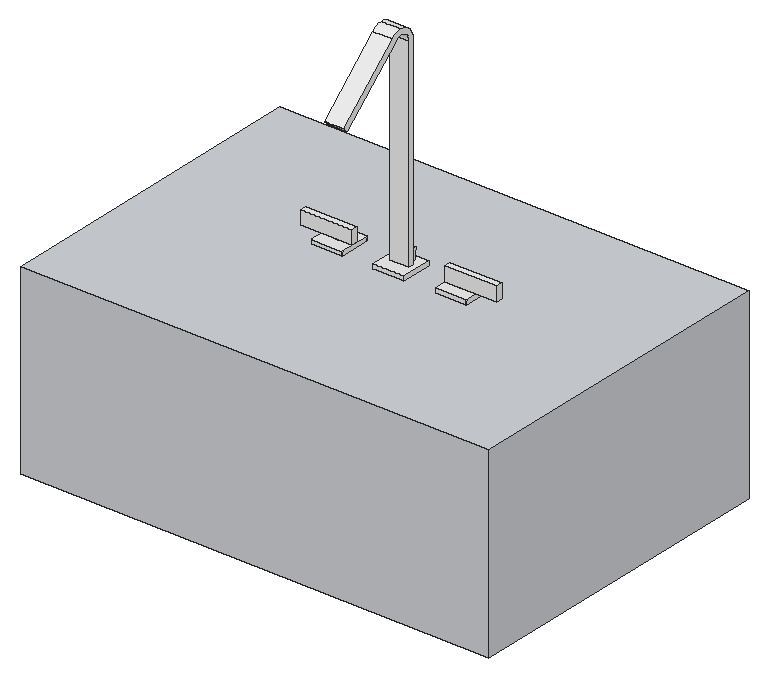
Revit family
Parameters (values of type "Chrome-Polished_Chrome-CP")
  Width = 1' - 0 5/8"
  WFU = 0
  URL = "http://www.us.kohler.com"
  Product Page URL = "http://www.us.kohler.com/onlinecatalog/detail.jsp?prod_num=14662-4"
  Product Documentation Link = "http://www.us.kohler.com/onlinecatalog/pdf/1123726_4.pdf"
  Model = "K-14662-4"  # constant formula
  Manufacturer = "Kohler"  # constant formula
  Length = 0' - 6 3/8"
  Hot Water Radius = 3/16"
  Hot Water Diameter = Hot Water Radius * 2  # 3/8"
  Hot Water Connector = "Hot Water Connector"  # constant formula
  Height = 1' - 2 3/8"
  HWFU = 0
  HW Connection = yes
  Finish = Chrome-Kohler-CP-Polished_Chrome
  Faucet Offset = 0' - 8"
  Description = "Loure™ tall widespread lavatory faucet"  # constant formula
  Default Elevation = 0' - 0"
  Created By = "http://medialab3dstudio.com/"
  Cold Water Radius = 3/16"
  Cold Water Diameter = Cold Water Radius * 2  # 3/8"
  Cold Water Connector = "Cold Water Connector"  # constant formula
  CWFU = 0
  CW Connection = yes
  Assembly Code = "D2010"
Types (4): name | Finish
  (no name) | Chrome-Kohler-CP-Polished_Chrome
  Chrome-Polished_Chrome-CP | Chrome-Kohler-CP-Polished_Chrome
  Nickel-Vibrant_Brushed_Nickel-BN | Nickel-Kohler-BN-Vibrant_Brushed_Nickel
  Nickel-Vibrant_Polished_Nickel-SN | Nickel-Kohler-SN-Vibrant_Polished_Nickel
Reference planes (in)
  plane 1 "Back": y = 0
  plane 2 "Bottom": z = 0
  plane 3 "Center (Left/Right)": x = 0
  plane 4: x = -1
  plane 5: x = 1
  plane 6 "Top": z = 14.375
  plane 7: y = -2
  plane 8 "Front": y = -6.375
  plane 9: z = 0.27694
  plane 10: y = -1
  plane 11: y = -1
  plane 12: y = -0.82813
  plane 13: y = -1.17188
  plane 14: z = 13.34217
  plane 15: y = -1.80011
  plane 16: y = -0.39025
  plane 17: y = -0.65009
  plane 18: z = 0.8169
  plane 19: y = -0.25108
  plane 20: z = 0.94584
  plane 21: x = -0.35937
  plane 22: x = 0.35938
  plane 23: x = -4
  plane 24: x = 4
  plane 25: z = 0.12475
  plane 26 "Right": x = 6.31007
  plane 27 "Left": x = -6.31493
Forms (in)
  Extrusion 1, solid
    sketch origin (0, 0, 0) x (1, 0, 0) y (0, 1, 0)
      loop
        line (-15, 8) -> (-15, -12.95137) -> (15.18227, -12.95137) -> (15.18227, 8) -> (-15, 8)
    from 0 to -12
  Extrusion 2, solid, material "Chrome-Kohler-CP-Polished_Chrome" <- "Finish"
    sketch origin (0, 0, 0) x (1, 0, 0) y (0, 1, 0)
      loop
        line (-1, 0) -> (-1, -2) -> (1, -2) -> (1, 0) -> (-1, 0)
    from 0 to 0.27694
  Sweep 3, solid, material "Chrome-Kohler-CP-Polished_Chrome" <- "Finish"
    path origin (0, 0, 0) x (0, 1, 0) y (0, 0, 1)
      loop
        line (-1, 0.27694) -> (-1, 13.34217)
        arc (-1, 13.34217) -> (-1.23435, 13.90793) -> (-1.80011, 14.14228) r 0.80011
        arc (-1.80011, 14.14228) -> (-2.1063, 14.08138) -> (-2.36588, 13.90793) r 0.80011
        line (-2.36588, 13.90793) -> (-6.25451, 10.41045)
    profile origin (0, -1, 6.80955) x (0, -1, 0) y (1, 0, 0)
      loop
        line (-0.17187, -0.62505) -> (0.17188, -0.62505) -> (0.17188, 0.62506) -> (-0.17187, 0.62506) -> (-0.17187, -0.62505)
  Extrusion 4, solid, material "Chrome-Kohler-CP-Polished_Chrome" <- "Finish"
    sketch origin (0, 0, 0) x (0, 1, 0) y (0, 0, 1)
      loop
        line (-0.27759, 0.94584) -> (-0.62367, 0.94584)
        arc (-0.62367, 0.94584) -> (-0.64235, 0.9381) -> (-0.65009, 0.91942) r 0.02642
        line (-0.65009, 0.91942) -> (-0.65009, 0.30519)
        arc (-0.65009, 0.30519) -> (-0.64182, 0.28521) -> (-0.62185, 0.27694) r 0.02825
        line (-0.62185, 0.27694) -> (-0.41957, 0.27694)
        arc (-0.41957, 0.27694) -> (-0.39884, 0.28553) -> (-0.39025, 0.30627) r 0.02933
        line (-0.39025, 0.30627) -> (-0.39025, 0.7768)
        arc (-0.39025, 0.7768) -> (-0.3785, 0.80516) -> (-0.35014, 0.8169) r 0.04011
        line (-0.35014, 0.8169) -> (-0.27793, 0.8169)
        arc (-0.27793, 0.8169) -> (-0.25894, 0.82477) -> (-0.25108, 0.84376) r 0.02685
        line (-0.25108, 0.84376) -> (-0.25108, 0.91933)
        arc (-0.25108, 0.91933) -> (-0.25884, 0.93808) -> (-0.27759, 0.94584) r 0.02651
    from -0.35938 to 0.35937
  Extrusion 5, void
    sketch origin (0, 0, 0) x (1, 0, 0) y (0, 1, 0)
      loop
        arc (0.17188, -1) -> (0.22679, -1.13258) -> (0.35938, -1.1875) r 0.1875
        arc (0.35938, -1.1875) -> (0.49196, -1.13258) -> (0.54688, -1) r 0.1875
        arc (0.54688, -1) -> (0.49196, -0.86742) -> (0.35938, -0.8125) r 0.1875
        arc (0.35938, -0.8125) -> (0.22679, -0.86742) -> (0.17188, -1) r 0.1875
      loop
        arc (-0.17187, -1) -> (-0.22679, -0.86742) -> (-0.35937, -0.8125) r 0.1875
        arc (-0.35937, -0.8125) -> (-0.49196, -0.86742) -> (-0.54687, -1) r 0.1875
        arc (-0.54687, -1) -> (-0.49196, -1.13258) -> (-0.35937, -1.1875) r 0.1875
        arc (-0.35937, -1.1875) -> (-0.22679, -1.13258) -> (-0.17187, -1) r 0.1875
    from 0 to 0.12475
Cuts and joins
  Extrusion 5 cuts Extrusion 2
  joined: Extrusion 2, Sweep 3, Extrusion 4
Lines and regions (in)
  Masking region 1, detail levels coarse
    outline origin (0, 0, 0) x (1, 0, 0) y (0, 1, 0)
      loop
        line (-6.31493, 0) -> (-6.31493, -6.375) -> (6.31007, -6.375) -> (6.31007, 0) -> (-6.31493, 0)
  Masking region 2, detail levels medium+fine
    outline origin (0, 0, 0) x (1, 0, 0) y (0, 1, 0)
      loop
        line (-5, -2) -> (-3, -2) -> (-3, 0) -> (-5, 0) -> (-5, -0.79688) -> (-6.31007, -0.79688) -> (-6.31007, -1.20313) -> (-5, -1.20313) -> (-5, -2)
      loop
        line (-1, 0) -> (-1, -2) -> (-0.62505, -2) -> (-0.62505, -6.375) -> (0.62506, -6.375) -> (0.62506, -2) -> (1, -2) -> (1, 0) -> (-1, 0)
      loop
        line (3, 0) -> (3, -2) -> (5, -2) -> (5, -1.20313) -> (6.31007, -1.20313) -> (6.31007, -0.79688) -> (5, -0.79688) -> (5, 0) -> (3, 0)
  Masking region 3, detail levels coarse
    outline origin (0, 0, 0) x (1, 0, 0) y (0, 0, 1)
      loop
        line (-6.31493, 14.375) -> (-6.31493, 0) -> (6.31007, 0) -> (6.31007, 14.375) -> (-6.31493, 14.375)
  Masking region 4, detail levels medium+fine
    outline origin (0, 0, 0) x (1, 0, 0) y (0, 0, 1)
      loop
        line (-5, 0) -> (-3, 0) -> (-3, 0.2749) -> (-3.80859, 0.2749) -> (-3.80859, 0.30564) -> (-3, 0.30564) -> (-3, 1.1875) -> (-6.31007, 1.1875) -> (-6.31007, 0.30564) -> (-4.19141, 0.30564) -> (-4.19141, 0.2749) -> (-5, 0.2749) -> (-5, 0)
      loop
        line (3, 0.2749) -> (3, 0) -> (5, 0) -> (5, 0.2749) -> (4.19141, 0.2749) -> (4.19141, 0.30564) -> (6.31007, 0.30564) -> (6.31007, 1.1875) -> (3, 1.1875) -> (3, 0.30564) -> (3.80859, 0.30564) -> (3.80859, 0.2749) -> (3, 0.2749)
      loop
        line (-1, 0) -> (1, 0) -> (1, 0.27694) -> (0.62506, 0.27694) -> (0.62506, 14.375) -> (-0.62505, 14.375) -> (-0.62505, 0.27694) -> (-1, 0.27694) -> (-1, 0)
  Masking region 5, detail levels coarse
    outline origin (0, 0, 0) x (0, 1, 0) y (0, 0, 1)
      loop
        line (0, 14.375) -> (-6.375, 14.375) -> (-6.375, 0) -> (0, 0) -> (0, 14.375)
  Masking region 6, detail levels medium+fine
    outline origin (0, 0, 0) x (0, 1, 0) y (0, 0, 1)
      loop
        line (-0.82813, 1.1875) -> (-0.82812, 13.34217)
        arc (-0.82812, 13.34217) -> (-1.11281, 14.02947) -> (-1.80011, 14.31416) r 0.97199
        arc (-1.80011, 14.31416) -> (-2.16987, 14.24108) -> (-2.48403, 14.03283) r 0.97199
        line (-2.48403, 14.03283) -> (-6.36944, 10.53824) -> (-6.13957, 10.28266) -> (-2.19161, 13.83351)
        arc (-2.19161, 13.83351) -> (-2.00748, 13.9352) -> (-1.80011, 13.97041) r 0.62824
        arc (-1.80011, 13.97041) -> (-1.35588, 13.7864) -> (-1.17188, 13.34217) r 0.62824
        line (-1.17188, 13.34217) -> (-1.17187, 1.1875) -> (-1.20313, 1.1875) -> (-1.20313, 0.2749) -> (-2, 0.2749) -> (-2, 0) -> (0, 0) -> (0, 0.2749) -> (-0.39025, 0.2749) -> (-0.39025, 0.7768)
        arc (-0.39025, 0.7768) -> (-0.3785, 0.80516) -> (-0.35014, 0.8169) r 0.04011
        line (-0.35014, 0.8169) -> (-0.27793, 0.8169)
        arc (-0.27793, 0.8169) -> (-0.25894, 0.82477) -> (-0.25108, 0.84376) r 0.02685
        line (-0.25108, 0.84376) -> (-0.25108, 0.91933)
        arc (-0.25108, 0.91933) -> (-0.25884, 0.93808) -> (-0.27759, 0.94584) r 0.02651
        line (-0.27759, 0.94584) -> (-0.62367, 0.94584)
        arc (-0.62367, 0.94584) -> (-0.64235, 0.9381) -> (-0.65009, 0.91942) r 0.02642
        line (-0.65009, 0.91942) -> (-0.65009, 0.2749) -> (-0.79688, 0.2749) -> (-0.79688, 1.1875) -> (-0.82813, 1.1875)
  symbolic lines, style "Masking Lines", detail levels fine
    curve 1: line (-5, -0.79688, 14.375) -> (-3, -0.79688, 14.375)
    curve 2: line (-5, -1.20313, 14.375) -> (-3, -1.20313, 14.375)
    curve 3: line (5, -0.79688, 14.375) -> (3, -0.79688, 14.375)
    curve 4: line (5, -1.20313, 14.375) -> (3, -1.20313, 14.375)
    curve 5: line (0.62506, -2, 14.375) -> (0.62506, -0.82813, 14.375)
    curve 6: line (-0.62505, -2, 14.375) -> (-0.62505, -0.82813, 14.375)
    curve 7: line (-0.35937, -0.25108, 14.375) -> (-0.35937, -0.65009, 14.375)
    curve 8: line (0.35938, -0.65009, 14.375) -> (0.35938, -0.25108, 14.375)
    curve 9: line (-0.35937, -0.25108, 14.375) -> (0.35938, -0.25108, 14.375)
    curve 10: line (-0.35937, -0.65009, 14.375) -> (0.35938, -0.65009, 14.375)
    curve 11: line (0.62506, -0.82813, 14.375) -> (-0.62505, -0.82813, 14.375)
    curve 12: line (-4.19141, 0, 0.30564) -> (-3.80859, 0, 0.30564)
    curve 13: line (-4.19141, 0, 0.2749) -> (-3.80859, 0, 0.2749)
    curve 14: line (3.80859, 0, 0.30564) -> (4.19141, 0, 0.30564)
    curve 15: line (3.80859, 0, 0.2749) -> (4.19141, 0, 0.2749)
    curve 16: line (-0.62505, 0, 0.27694) -> (0.62506, 0, 0.27694)
    curve 17: line (0.62506, -6.375, 10.53824) -> (-0.62505, -6.375, 10.53824)
    curve 18: line (-0.62505, -6.375, 10.28266) -> (0.62506, -6.375, 10.28266)
    curve 19: line (0, -0.39025, 0.27694) -> (0, -0.65009, 0.27694)
    curve 20: line (0, -0.82813, 1.1875) -> (0, -1.17188, 1.1875)
    curve 21: line (0, -0.79688, 0.2749) -> (0, -1.20313, 0.2749)
Dimensions and locks (in)
  plane 1 "Back" to plane 10 to plane 7 = 0' - 1", 0' - 1"
  locked: plane 17 to plane 11 at 0.34991
  plane 22 to plane 3 "Center (Left/Right)" = 0' - 0 23/64"
  equal spacing: plane 23, plane 3 "Center (Left/Right)", plane 24
  "Faucet Offset": plane 23 to plane 24
  "Width": plane 27 "Left" to plane 26 "Right"
  "Length": plane 1 "Back" to plane 8 "Front"
  "Height": plane 6 "Top" to plane 2 "Bottom"
  locked: plane 6 "Top" to plane 14 at 1.03283
  Masking region 6 to Extrusion 1 = 0' - 10.28266"
  radius of Extrusion 5 sketch curve = 0' - 0 3/16"
  aligned and locked: plane 2 "Bottom" to Extrusion 1
  aligned and locked: level to Extrusion 1
  aligned and locked: plane 1 "Back" to Extrusion 2 sketch curve
  aligned and locked: plane 5 to Extrusion 2 sketch curve
  aligned and locked: plane 7 to Extrusion 2 sketch curve
  aligned and locked: Extrusion 2 sketch curve to plane 4
  aligned and locked: Extrusion 2 to plane 2 "Bottom"
  aligned and locked: plane 9 to Extrusion 2
  aligned and locked: plane 12 to Sweep 3 sketch curve
  aligned and locked: Sweep 3 sketch curve to plane 13
  aligned and locked: plane 20 to Extrusion 4 sketch curve
  aligned and locked: plane 17 to Extrusion 4 sketch curve
  aligned and locked: plane 9 to Extrusion 4 sketch curve
  aligned and locked: Extrusion 4 sketch curve to plane 16
  aligned and locked: plane 18 to Extrusion 4 sketch curve
  aligned and locked: Extrusion 4 sketch curve to plane 19
  aligned and locked: plane 21 to Extrusion 4
  aligned and locked: Extrusion 4 to plane 22
  aligned and locked: plane 11 to nested 1
  aligned and locked: nested 2 to plane 11
  aligned and locked: nested 2 to plane 24
  aligned and locked: nested 1 to plane 23
  aligned and locked: plane 22 to Extrusion 5 sketch curve  (x2)
  aligned and locked: plane 11 to Extrusion 5 sketch curve  (x4)
  aligned and locked: plane 21 to Extrusion 5 sketch curve  (x2)
  aligned and locked: Extrusion 5 to plane 2 "Bottom"
  aligned and locked: plane 25 to Extrusion 5
  aligned and locked: plane 26 "Right" to nested 2
  aligned and locked: plane 1 "Back" to Masking region 1 sketch curve
  aligned and locked: plane 26 "Right" to Masking region 1 sketch curve
  aligned and locked: plane 8 "Front" to Masking region 1 sketch curve
  aligned and locked: Masking region 1 sketch curve to plane 27 "Left"
  aligned and locked: Masking region 2 sketch curve to nested 1  (x6)
  aligned and locked: nested 1 to Masking region 2 sketch curve
  aligned and locked: Masking region 2 sketch curve to cut or joined group of Extrusion 2, Sweep 3, Extrusion 4, Extrusion 5  (x5)
  aligned and locked: cut or joined group of Extrusion 2, Sweep 3, Extrusion 4, Extrusion 5 to Masking region 2 sketch curve  (x2)
  aligned and locked: Masking region 2 sketch curve to plane 8 "Front"
  aligned and locked: Masking region 2 sketch curve to nested 2  (x6)
  aligned and locked: nested 2 to Masking region 2 sketch curve  (x2)
  aligned and locked: nested 1 to nested 1  (x2)
  aligned and locked: nested 2 to nested 2
  aligned and locked: nested 2 to curve 4
  aligned and locked: curve 3 to nested 2
  aligned and locked: cut or joined group of Extrusion 2, Sweep 3, Extrusion 4, Extrusion 5 to curve 5
  aligned and locked: curve 6 to cut or joined group of Extrusion 2, Sweep 3, Extrusion 4, Extrusion 5
  aligned and locked: curve 7 to cut or joined group of Extrusion 2, Sweep 3, Extrusion 4, Extrusion 5
  aligned and locked: curve 8 to cut or joined group of Extrusion 2, Sweep 3, Extrusion 4, Extrusion 5
  aligned and locked: curve 9 to cut or joined group of Extrusion 2, Sweep 3, Extrusion 4, Extrusion 5
  aligned and locked: curve 10 to cut or joined group of Extrusion 2, Sweep 3, Extrusion 4, Extrusion 5
  aligned and locked: curve 11 to cut or joined group of Extrusion 2, Sweep 3, Extrusion 4, Extrusion 5
  aligned and locked: Masking region 3 sketch curve to plane 6 "Top"
  aligned and locked: plane 26 "Right" to Masking region 3 sketch curve
  aligned and locked: Masking region 3 sketch curve to plane 27 "Left"
  aligned and locked: plane 2 "Bottom" to Masking region 3 sketch curve
  aligned and locked: Masking region 4 sketch curve to nested 1  (x6)
  aligned and locked: nested 1 to Masking region 4 sketch curve  (x4)
  aligned and locked: nested 2 to Masking region 4 sketch curve  (x4)
  aligned and locked: Masking region 4 sketch curve to nested 2  (x6)
  aligned and locked: Masking region 4 sketch curve to cut or joined group of Extrusion 2, Sweep 3, Extrusion 4, Extrusion 5  (x6)
  aligned and locked: cut or joined group of Extrusion 2, Sweep 3, Extrusion 4, Extrusion 5 to Masking region 4 sketch curve
  aligned and locked: Masking region 4 sketch curve to plane 6 "Top"
  aligned and locked: curve 17 to cut or joined group of Extrusion 2, Sweep 3, Extrusion 4, Extrusion 5
  aligned and locked: curve 18 to cut or joined group of Extrusion 2, Sweep 3, Extrusion 4, Extrusion 5
  aligned and locked: plane 2 "Bottom" to Masking region 5 sketch curve
  aligned and locked: plane 1 "Back" to Masking region 5 sketch curve
  aligned and locked: Masking region 5 sketch curve to plane 6 "Top"
  aligned and locked: cut or joined group of Extrusion 2, Sweep 3, Extrusion 4, Extrusion 5 to Masking region 6 sketch curve  (x3)
  aligned and locked: Masking region 6 sketch curve to cut or joined group of Extrusion 2, Sweep 3, Extrusion 4, Extrusion 5  (x13)
  aligned and locked: Masking region 6 sketch curve to nested 1  (x3)
  aligned and locked: Masking region 6 sketch curve to nested 2
  aligned and locked: nested 1 to Masking region 6 sketch curve
  aligned and locked: curve 19 to plane 9
Automatic sketch dimensions
  Extrusion 1 sketch curve to Extrusion 1 sketch curve = 2' - 6.18227"
  Extrusion 1 sketch curve to Extrusion 1 sketch curve = 1' - 8.95137"
  plane 3 "Center (Left/Right)" to Sweep 3 sketch curve = 0' - 0.62506"
  plane 17 to Extrusion 4 sketch curve = 0' - 0.02642"
  plane 9 to Extrusion 4 sketch curve = 0' - 0.02825"
  plane 9 to Extrusion 4 sketch curve = 0' - 0.02933"
  Extrusion 4 sketch curve to Extrusion 4 sketch curve = 0' - 0.04011"
  plane 18 to Extrusion 4 sketch curve = 0' - 0.02685"
  Extrusion 4 sketch curve to plane 19 = 0' - 0.02651"
  Sweep 3 sketch curve to plane 3 "Center (Left/Right)" = 0' - 0.62505"
  plane 21 to Extrusion 5 sketch curve = 0' - 0 3/16"
  plane 23 to Masking region 2 sketch curve = 0' - 1"
  curve 4 to plane 24 = 0' - 1"
  curve 3 to curve 4 = 0' - 0"
  plane 24 to curve 3 = 0' - 1"
  curve 4 to curve 3 = 0' - 0"
  plane 13 to curve 2 = 0' - 0 1/32"
  curve 2 to plane 23 = 0' - 1"
  curve 1 to plane 12 = 0' - 0 1/32"
  curve 1 to curve 2 = 0' - 0"  (x2)
  plane 23 to curve 2 = 0' - 1"
  curve 6 to plane 7 = 0' - 0"
  curve 5 to plane 7 = 0' - 0"
  curve 16 to plane 9 = 0' - 0"
  curve 13 to plane 9 = 0' - 0.00204"
  plane 23 to curve 13 = 0' - 0 49/256"
  curve 12 to curve 13 = 0' - 0"  (x2)
  curve 13 to plane 23 = 0' - 0 49/256"
  plane 21 to curve 16 = 0' - 0.26568"
  curve 16 to plane 22 = 0' - 0.26568"
  plane 9 to curve 14 = 0' - 0.02869"
  plane 24 to curve 14 = 0' - 0 49/256"
  curve 15 to plane 9 = 0' - 0.00204"
  curve 14 to curve 15 = 0' - 0"  (x2)
  curve 14 to plane 24 = 0' - 0 49/256"
  plane 9 to curve 12 = 0' - 0.02869"
  curve 18 to plane 22 = 0' - 0.26568"
  curve 18 to curve 17 = 0' - 0"  (x2)
  plane 21 to curve 18 = 0' - 0.26568"
  Masking region 6 sketch curve to Masking region 6 sketch curve = 0' - 0.26808"
  Masking region 6 sketch curve to Masking region 6 sketch curve = 0' - 0"
  plane 23 to Masking region 4 sketch curve = 0' - 0 49/256"
  Masking region 4 sketch curve to plane 23 = 0' - 0 49/256"
  plane 24 to Masking region 4 sketch curve = 0' - 0 49/256"
  Masking region 4 sketch curve to plane 24 = 0' - 0 49/256"
  curve 20 to plane 13 = 0' - 0"
  curve 20 to plane 12 = 0' - 0"
  curve 21 to plane 9 = 0' - 0.00204"
  plane 13 to curve 21 = 0' - 0 1/32"
  curve 21 to plane 12 = 0' - 0 1/32"
  curve 21 to curve 19 = 0' - 0.14678"
  curve 19 to curve 19 = 0' - 0.25985"
  plane 9 to curve 20 = 0' - 0.91056"
  Masking region 5 sketch curve to plane 8 "Front" = 0' - 0"
  Sweep 3 sketch curve to Sweep 3 sketch curve = 0' - 0"  (x2)
  Sweep 3 sketch curve to plane 14 = 0' - 0"
  Sweep 3 sketch curve to plane 15 = 0' - 0"
  Sweep 3 sketch curve to plane 10 = 0' - 0"
  Sweep 3 sketch curve to plane 9 = 0' - 0"
  Sweep 3 sketch curve to plane 7 = 0' - 0.36588"
  plane 8 "Front" to Sweep 3 sketch curve = 0' - 0.12049"
  Sweep 3 sketch curve to plane 14 = 0' - 2.93171"
Nested families (in)
  nested 1: "Handle" at (-4, -1, 0), type "Handle"
  nested 2: "Handle" at (4, -1, 0) x (-1, 0, 0) z (0, 0, 1), type "Handle"
Connectors (in)
  piping at (0.35938, -1, 0), driven by "Cold Water Radius", driven by "CW Connection", driven by "Cold Water Connector", driven by "CWFU"
    settings: on cut or joined group of Extrusion 2, Sweep 3, Extrusion 4, Extrusion 5, index 1, connector radius 3/16", flow factor 0, pipe flow 0.0 GPM, pressure drop 0.00 psi, fitting loss kfactor 0, connector angle 0.00°, fixture units 0, flow configuration 3, flow direction 1, fitting loss method 0, system type 20, connector reference index -1, connector utility 1, adjustable connector no, is connector primary yes, fitting loss table "", connector description "Cold Water Connector"
  piping at (-0.35937, -1, 0), driven by "Hot Water Radius", driven by "HW Connection", driven by "Hot Water Connector", driven by "HWFU"
    settings: on cut or joined group of Extrusion 2, Sweep 3, Extrusion 4, Extrusion 5, index 2, connector radius 3/16", flow factor 0, pipe flow 0.0 GPM, pressure drop 0.00 psi, fitting loss kfactor 0, connector angle 0.00°, fixture units 0, flow configuration 3, flow direction 1, fitting loss method 0, system type 19, connector reference index -1, connector utility 1, adjustable connector no, is connector primary no, fitting loss table "", connector description "Hot Water Connector"
Definition of nested family "Handle"
  Parameters (values of type "Handle")
    Width = 0' - 2"
    Length = 0' - 2"
    Finish = none
    Default Elevation = 4' - 0"
    Assembly Code = ""
  Reference planes (in)
    plane 1 "Center (Front/Back)": y = 0
    plane 2: z = 0
    plane 3 "Center (Left/Right)": x = 0
    plane 4 "Left": x = -1
    plane 5 "Right": x = 1
    plane 6 "Back": y = 1
    plane 7 "Front": y = -1
    plane 8 "Top": z = 1.1875
    plane 9: z = 0.2749
    plane 10: z = 0.30564
    plane 11: y = 0.20312
    plane 12: y = -0.20313
    plane 13: x = -2.31007
  Forms (in)
    Extrusion 1, solid
      sketch origin (0, 0, 0) x (1, 0, 0) y (0, 1, 0)
        loop
          line (-48, 48) -> (-48, -48) -> (48, -48) -> (48, 48) -> (-48, 48)
      from 0 to -12
    Extrusion 2, solid, material <- "Finish"
      sketch origin (0, 0, 0) x (1, 0, 0) y (0, 1, 0)
        loop
          arc (-0.96875, 1) -> (-0.99085, 0.99085) -> (-1, 0.96875) r 0.03125
          line (-1, 0.96875) -> (-1, -0.96875)
          arc (-1, -0.96875) -> (-0.99085, -0.99085) -> (-0.96875, -1) r 0.03125
          line (-0.96875, -1) -> (0.96875, -1)
          arc (0.96875, -1) -> (0.99085, -0.99085) -> (1, -0.96875) r 0.03125
          line (1, -0.96875) -> (1, 0.96875)
          arc (1, 0.96875) -> (0.99085, 0.99085) -> (0.96875, 1) r 0.03125
          line (0.96875, 1) -> (-0.96875, 1)
      from 0 to 0.2749
    Extrusion 3, solid, material <- "Finish"
      sketch origin (0, 0, 0) x (1, 0, 0) y (0, 1, 0)
        loop
          arc (-0.19141, 0) -> (-0.13534, -0.13534) -> (0, -0.19141) r 0.19141
          arc (0, -0.19141) -> (0.13534, -0.13534) -> (0.19141, 0) r 0.19141
          arc (0.19141, 0) -> (0.13534, 0.13534) -> (0, 0.19141) r 0.19141
          arc (0, 0.19141) -> (-0.13534, 0.13534) -> (-0.19141, 0) r 0.19141
      from 0.2749 to 0.30564
    Extrusion 4, solid, material <- "Finish"
      sketch origin (0, 0, 0) x (1, 0, 0) y (0, 0, 1)
        loop
          line (-2.31007, 1.1875) -> (-2.31007, 0.30564) -> (1, 0.30564) -> (1, 1.1875) -> (-2.31007, 1.1875)
      from -0.20312 to 0.20313
  Cuts and joins
    joined: Extrusion 2, Extrusion 3, Extrusion 4
  Dimensions and locks (in)
    equal spacing: plane 4 "Left", plane 3 "Center (Left/Right)", plane 5 "Right"
    "Width": plane 4 "Left" to plane 5 "Right"
    equal spacing: plane 6 "Back", plane 1 "Center (Front/Back)", plane 7 "Front"
    "Length": plane 6 "Back" to plane 7 "Front"
    aligned and locked: plane 2 to Extrusion 1
    aligned and locked: level to Extrusion 1
    aligned and locked: Extrusion 2 sketch curve to plane 6 "Back"
    aligned and locked: plane 5 "Right" to Extrusion 2 sketch curve
    aligned and locked: plane 7 "Front" to Extrusion 2 sketch curve
    aligned and locked: plane 4 "Left" to Extrusion 2 sketch curve
    aligned and locked: Extrusion 2 to plane 2
    aligned and locked: Extrusion 2 to plane 9
    aligned and locked: plane 3 "Center (Left/Right)" to Extrusion 3 sketch curve  (x2)
    aligned and locked: plane 1 "Center (Front/Back)" to Extrusion 3 sketch curve  (x2)
    aligned and locked: plane 9 to Extrusion 3
    aligned and locked: Extrusion 3 to plane 10
    aligned and locked: Extrusion 4 sketch curve to plane 8 "Top"
    aligned and locked: Extrusion 4 sketch curve to plane 10
    aligned and locked: plane 5 "Right" to Extrusion 4 sketch curve
    aligned and locked: plane 11 to Extrusion 4
    aligned and locked: Extrusion 4 to plane 12
    aligned and locked: plane 13 to Extrusion 4 sketch curve
  Automatic sketch dimensions
    Extrusion 1 sketch curve to Extrusion 1 sketch curve = 8' - 0"  (x2)
    plane 4 "Left" to Extrusion 2 sketch curve = 0' - 0 1/32"  (x2)
    plane 5 "Right" to Extrusion 2 sketch curve = 0' - 0 1/32"  (x2)
    Extrusion 3 sketch curve to Extrusion 3 sketch curve = 0' - 0 49/256"
